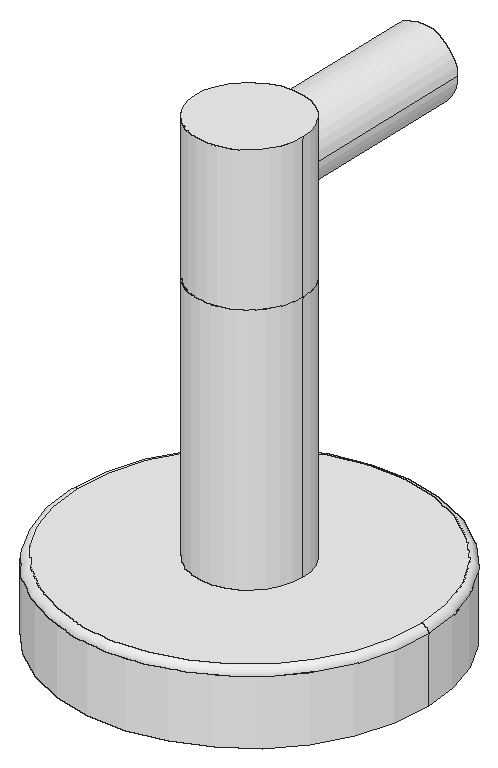
Revit family "Incepa_Acessorios_Thema_Cabide_B8000I4CR0", category Plumbing Fixtures, host Face, Revit 2014
Parameters (values of type "Cabide simples")
  Waste Connection = no
  WFU = 0
  Vent Connection = no
  URL = "http://www.incepa.com.br"
  Type Comments = ""
  Selo de Qualidade ofcdesk = "Standard"
  Model = "B8000I4CR0"
  Metais [instance] = Celite - Cromado
  Manufacturer = "Incepa"
  Keynote = ""
  Incepa: Versão = "Autodesk Revit MEP 2014"
  Incepa: Tipo = "Cabides"
  Incepa: Produto = "Metais"
  Incepa: Norma [instance] = "ABNT NBR 10282: 2003"
  Incepa: Linha = "Thema"
  Incepa: Informações Técnicas = "N/A"
  Incepa: Informações Gerais = "N/A"
  Incepa: Fabricante = "Incepa"
  Incepa: Descrição = "Cabide simples Thema (B8000I4CR0), Acessórios - Metais Incepa"
  Incepa: Código = "B8000I4CR0"
  Incepa: Cores Disponíveis = "Cromado"
  Incepa: Copyright © = "© 2014 Incepa"
  Incepa: Categoria = "Acessórios"
  Incepa: Altura da Peça [instance] = 0 mm
  HWFU = 0
  HW Connection = no
  Desenvolvido por = "ofcdesk"
  Description = "Cabide simples Thema (B8000I4CR0), Acessórios - Metais Incepa"
  Default Elevation = 1400 mm
  Cost = 0
  CWFU = 0
  CW Connection = no
  Assembly Code = "D2010"
Reference planes
  plane 1 "Center (Front/Back)": y = 0
  plane 2: z = 0
  plane 3 "Center (Left/Right)": x = 0
Forms (mm)
  Extrusion 1, solid, material "Celite - Cromado" <- "Metais"
    sketch origin (0, 0, 0) x (1, 0, 0) y (0, 1, 0)
      loop
        circle (0, 0) r 7.5
    from 0 to 45
  Sweep 2, solid, material "Celite - Cromado" <- "Metais"
    path origin (0, 0, 0) x (1, 0, 0) y (0, 1, 0)
      loop
        circle (0, 0) r 25
    profile origin (0, 25, 0) x (0, -1, 0) y (0, 0, 1)
      loop
        line (0, 0) -> (17.5, 0) -> (17.5, 10) -> (1, 10)
        arc (1, 10) -> (0.293, 9.707) -> (0, 9) r 1
        line (0, 9) -> (0, 0)
  Sweep 3, solid, material "Celite - Cromado" <- "Metais"
    path origin (0, 0, 0) x (0, 1, 0) y (0, 0, 1)
      loop
        line (0, 58.5) -> (30, 58.5)
    profile origin (0, 15, 58.5) x (0, 0, 1) y (1, 0, 0)
      loop
        circle (0, 0) r 5
  Extrusion 4, solid, material "Celite - Cromado" <- "Metais"
    sketch origin (0, 0, 0) x (1, 0, 0) y (0, 1, 0)
      loop
        circle (0, 0) r 7.5
    from 45 to 65
Cuts and joins
  joined: Extrusion 1, Sweep 2
  joined: Sweep 3, Extrusion 4
Dimensions and locks
  aligned and locked: plane 2 to host face
  aligned and locked: level to host face
